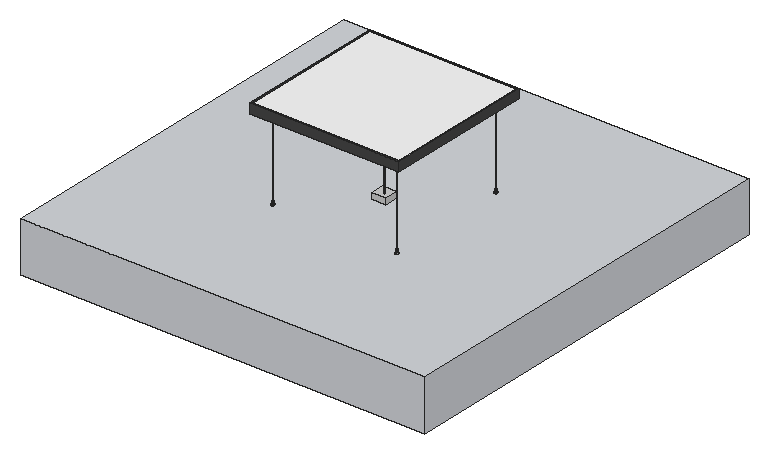
Revit family "en-halla-elumi-square-suspendedrfa", category Осветительные приборы, Revit 2017
Family settings
  Основа = Грань
  Размер круглого соединителя = Использовать диаметр
  Тип детали = Нормальный
  Номер OmniClass = 23.80.70.11.11
  Заголовок OmniClass = General Luminaries, Non Directional
  При загрузке вырезать с полостями = Нет
  Источник света = Нет
  Общий = Нет
  Точка расчета площади = Нет
Parameters
  Light surface width = Lighting width - 2 * Shape thickness  # 886 mm
  Shape thickness = 7 mm  # constant formula
  Полная установленная мощность = Power input  # 84 VA
  Youtube clip = ""
  Weight Net (Kg) = "0"
  Изготовитель = "HALLA"  # constant formula
  Default Elevation = 0 mm
  Voltage = ""
  Uniclass 2.0 Description = "Luminaires And Lamps"
  Uniclass 2.0 Code = "PR-49"
  Uniclass 1.4 Description = "Luminaires and lamps"
  Uniclass 1.4 Code = "JY73"
  URL = "www.halla.cz"
  UNSPSC Code = "3911"
  Technical description = ""
  Switched on [instance] = yes
  Switched off [instance] = not(Switched on)  # no
  Suspension height [instance] = 500 mm
  Source used = ""
  Source type = ""
  Shape of luminaire = ""
  Region South America = "All"
  Region Oceania = "All"
  Region North America = "All"
  Region Middle East = "All"
  Region Europe = "All"
  Region Asia = "All"
  Region Antarctica = "All"
  Region Africa = "All"
  Real suspension height [instance] = if(Suspension height > 2000 mm, 2000 mm, if(Suspension height < 36 mm, 36 mm, Suspension height))  # 500 mm
  QR code = "http://file-system.ru/catalog/zdaniya_i_sooruzheniya/interer/osveshchenie/halla_elumi_square_svetilnik_podvesnoy/"
  Accessory [instance] = HALLA accessory - wire suspension 2000mm, set of 4 pcs : 13-0001, S - silver
  Protection class = ""
  Product group = "ELUMI"
  Product family = "Indoor Luminaires"
  Product data url = ""
  Product code = ""
  Product certification = ""
  Product URL = ""
  Product SKU = "elumi_square"
  Price (EUR) = 0
  Power input = 84 W
  Description = ""
  Optics type = ""
  Suspension distance Y from axis = Lighting length - Lighting length * 0.08475 * 2  # 747.45 mm
  Suspension distance X from axis = Lighting length - Lighting length * 0.08475 * 2  # 747.45 mm
  Number of sources = 1
  Nominal width = "0.00"
  Nominal height = "0.00"
  NBS Reference Description = "Luminaires And Lamps"
  NBS Reference Code = "49"
  Material secondary = ""
  Material of luminaire = "Hliník"
  Material main = "Aluminium"
  Manufacturer name = "HALLA"
  Manufacturer country = "Czech Republic"
  Lighting width = 900 mm
  Lighting source distance [instance] = Real suspension height + Lighting height + 0.1 mm  # 555.1 mm
  Lighting length = 900 mm
  Lighting height = 55 mm
  Lighting dimensions = ""
  LED source = yes
  Installation instructions = ""
  Installation instruction = ""
  Initial intensity = ""
  Initial colour = ""
  IP Code = ""
  IFC Classification = "Light Fixture"
  Frequency = ""
  Energy class = ""
  Electric potential = 230 V  # constant formula
  Код по классификатору = "D5020200"
  Edition number = "1"
  EAN code = ""
  EAN = ""
  Lighting surface length = Lighting length - 2 * Shape thickness  # 886 mm
  Distribution = ""
  Designer = ""
  Design country = "Czech Republic"
  Depth = "0.00"
  Date of publishing = "2014-12-14"
  Data sheet = ""
  Control gear option = ""
  Colour of luminaire = Aluminium - black
  COBIe Type Category = ""
Reference planes
  plane 1 "Střed (vpředu/vzadu)": y = 0
  plane 2: z = 0
  plane 3 "Střed (vlevo/vpravo)": x = 0
  plane 4 "BP_Světlo spodní": z = 500
  plane 5 "BP_Světlo horní": z = 555
  plane 6 "Levá": x = -450
  plane 7 "Pravá": x = 450
  plane 8 "BP_Zdroj světla": z = 527.5
  plane 9 "Zadní": y = 450
  plane 10 "Přední": y = -450
  plane 11: x = 443
  plane 12: x = -443
  plane 13 "Osa odsazení levá": x = -373.725
  plane 14 "Osa odsazení pravá": x = 373.725
Forms (mm)
  Extrusion 1, solid
    sketch origin (0, 0, 0) x (1, 0, 0) y (0, 1, 0)
      loop
        line (-1219.2, 1219.2) -> (-1219.2, -1219.2) -> (1219.2, -1219.2) -> (1219.2, 1219.2) -> (-1219.2, 1219.2)
    from 0 to -304.8
  Extrusion 2, solid, material "Aluminium - black" <- "Colour of luminaire"
    sketch origin (0, 0, 500) x (-1, 0, 0) y (0, -1, 0)
      loop
        line (450, -450) -> (450, 450) -> (-450, 450) -> (-450, -450) -> (450, -450)
    from 0 to 7
  Extrusion 3, solid, material "Aluminium - black" <- "Colour of luminaire"
    sketch origin (0, 0, 500) x (-1, 0, 0) y (0, -1, 0)
      loop
        line (450, -450) -> (450, 450) -> (-450, 450) -> (-450, -450) -> (450, -450)
      loop
        line (443, 443) -> (-443, 443) -> (-443, -443) -> (443, -443) -> (443, 443)
    from 7 to 55
  Extrusion 4, solid, material "Diffuser - light switched on", visible <- "Switched off"
    sketch origin (0, 0, 500) x (-1, 0, 0) y (0, -1, 0)
      loop
        line (443, -443) -> (443, 443) -> (-443, 443) -> (-443, -443) -> (443, -443)
    from 51 to 55
  Extrusion 5, solid, material "Diffuser - light switched off", visible <- "Switched on"
    sketch origin (0, 0, 500) x (-1, 0, 0) y (0, -1, 0)
      loop
        line (443, -443) -> (443, 443) -> (-443, 443) -> (-443, -443) -> (443, -443)
    from 51 to 55
Cuts and joins
  joined: Extrusion 2, Extrusion 3
Dimensions and locks
  equal spacing: plane 6 "Levá", plane 3 "Střed (vlevo/vpravo)", plane 7 "Pravá"
  "Lighting length": plane 6 "Levá" to plane 7 "Pravá"
  "Shape thickness": plane 6 "Levá" to plane 12
  "Shape thickness": plane 11 to plane 7 "Pravá"
  "Lighting width": plane 9 "Zadní" to plane 10 "Přední"
  equal spacing: plane 9 "Zadní", plane 1 "Střed (vpředu/vzadu)", plane 10 "Přední"
  equal spacing: plane 5 "BP_Světlo horní", plane 8 "BP_Zdroj světla", plane 4 "BP_Světlo spodní"
  "Real suspension height": plane 4 "BP_Světlo spodní" to Extrusion 1
  "Lighting height": plane 5 "BP_Světlo horní" to plane 4 "BP_Světlo spodní"
  equal spacing: plane 13 "Osa odsazení levá", plane 3 "Střed (vlevo/vpravo)", plane 14 "Osa odsazení pravá"
  "Suspension distance X from axis": plane 13 "Osa odsazení levá" to plane 14 "Osa odsazení pravá"
  aligned and locked: plane 2 to Extrusion 1
  aligned and locked: level to Extrusion 1
Automatic sketch dimensions
  Extrusion 1 sketch curve to Extrusion 1 sketch curve = 2438.4 mm  (x2)
  Extrusion 3 sketch curve to plane 7 "Pravá" = 0 mm
  Extrusion 3 sketch curve to plane 11 = 0 mm
  Extrusion 3 sketch curve to plane 12 = 0 mm
  Extrusion 3 sketch curve to plane 6 "Levá" = 0 mm
  Extrusion 3 sketch curve to plane 9 "Zadní" = 0 mm
  Extrusion 3 sketch curve to plane 10 "Přední" = 0 mm
  Extrusion 3 sketch curve to plane 9 "Zadní" = 7 mm
  plane 10 "Přední" to Extrusion 3 sketch curve = 7 mm
  Extrusion 2 sketch curve to plane 7 "Pravá" = 0 mm
  Extrusion 2 sketch curve to plane 6 "Levá" = 0 mm
  Extrusion 2 sketch curve to plane 9 "Zadní" = 0 mm
  Extrusion 2 sketch curve to plane 10 "Přední" = 0 mm
  Extrusion 5 sketch curve to plane 11 = 0 mm
  Extrusion 5 sketch curve to plane 12 = 0 mm
  Extrusion 5 sketch curve to plane 9 "Zadní" = 7 mm
  plane 10 "Přední" to Extrusion 5 sketch curve = 7 mm
  Extrusion 4 sketch curve to plane 11 = 0 mm
  Extrusion 4 sketch curve to plane 12 = 0 mm
  Extrusion 4 sketch curve to plane 9 "Zadní" = 7 mm
  plane 10 "Přední" to Extrusion 4 sketch curve = 7 mm
Nested families
  nested 1: "HALLA accessory - wire suspension 2000mm, set of 4 pcs" at (-373.725, 373.725, 0), Délka zavěšení <- "Real suspension height", Odsazení zavěšení od osy Y <- "Suspension distance X from axis", Odsazení zavěšení od osy X <- "Suspension distance Y from axis", type <- "Accessory", type "13-0001, S - silver", detail levels fine
    with Odsazení zavěšení od osy Y 747.45 mm, Odsazení zavěšení od osy X 747.45 mm, Délka zavěšení 500 mm
  nested 2: "ELUMI - source" at (0, 0, 555.1), built-in parameter 1001364 <- "Lighting source distance", type "ELUMI - source"
Connectors
  electrical at (0, 0, 0), driven by "Полная установленная мощность", driven by "Electric potential", driven by "Полная установленная мощность"
    settings: index 1, voltage 230 V, apparent load 84 VA, apparent load phase1 84 VA, apparent load phase2 0 VA, apparent load phase3 0 VA, power factor 1, load classification "Osvětlení", number of poles 1, system type 30, power factor state 0, is connector primary yes, connector utility no, sub classification motor no, connector description ""
Definition of nested family "HALLA accessory - wire suspension 2000mm, set of 4 pcs"
  Parameters
    Manufacturer = "HALLA"  # constant formula
    Default Elevation = 0 mm
    URL výrobku = "http://www.halla.cz/rundo/svitidlo-19-200k-4024e-w.html"
    URL = "http.//www.halla.cz"
    Description = "Příslušenství ke svítidlům HALLA"  # constant formula
    Odsazení zavěšení od osy Y [instance] = 600 mm
    Odsazení zavěšení od osy X [instance] = 300 mm
    Model = "Lankový závěs 2000mm, souprava 4ks"
    Kód výrobku = "13-0001, S"
    Assembly Code = "D5020200"
    Keynote = ""
    EAN = ""
    Délka zavěšení [instance] = 300 mm
    Copyright = "Pro HALLA, s.r.o., vytvořil BIM Project s.r.o."  # constant formula
    Barva svítidla = none
  Reference planes
    plane 1 "Střed (vpředu/vzadu)": y = 0
    plane 2: z = 0
    plane 3 "Střed (vlevo/vpravo)": x = 0
    plane 4: z = 300
    plane 5: x = 300
    plane 6: y = -150
    plane 7: x = 600
    plane 8: y = -300
  Forms (mm)
    Extrusion 1, solid
      sketch origin (100, 0, 0) x (1, 0, 0) y (0, 1, 0)
        loop
          circle (-100, 0) r 0.991
      from 0 to 300 <- "Délka zavěšení"
    Revolve 2, solid, material <- "Barva svítidla"
      sketch origin (-300, 0, 0) x (1, 0, 0) y (0, 0, 1)
        loop
          line (300, 268.8) -> (300, 300) -> (295.494, 300) -> (295.494, 275.5) -> (298, 275.5) -> (298, 268.8) -> (300, 268.8)
        axis (300, 300) -> (300, 268.8)
      angle from 0 to 360
    Revolve 3, solid, material <- "Barva svítidla"
      sketch origin (100, 0, 0) x (1, 0, 0) y (0, 0, 1)
        loop
          line (-100, 0) -> (-100, 19.35) -> (-105.985, 19.35) -> (-105.985, 1.35) -> (-107.922, 1.35) -> (-107.922, 0) -> (-100, 0)
        axis (-100, 19.35) -> (-100, 0)
      angle from 0 to 360
    Extrusion 4, solid
      sketch origin (700, 0, 0) x (1, 0, 0) y (0, 1, 0)
        loop
          circle (-100, 0) r 0.991
      from 0 to 300 <- "Délka zavěšení"
    Revolve 5, solid, material <- "Barva svítidla"
      sketch origin (300, 0, 0) x (1, 0, 0) y (0, 0, 1)
        loop
          line (300, 268.8) -> (300, 300) -> (295.494, 300) -> (295.494, 275.5) -> (298, 275.5) -> (298, 268.8) -> (300, 268.8)
        axis (300, 300) -> (300, 268.8)
      angle from 0 to 360
    Revolve 6, solid, material <- "Barva svítidla"
      sketch origin (700, 0, 0) x (1, 0, 0) y (0, 0, 1)
        loop
          line (-100, 0) -> (-100, 19.35) -> (-105.985, 19.35) -> (-105.985, 1.35) -> (-107.922, 1.35) -> (-107.922, 0) -> (-100, 0)
        axis (-100, 19.35) -> (-100, 0)
      angle from 0 to 360
    Revolve 7, solid, material <- "Barva svítidla"
      sketch origin (0, 0, 0) x (0, 1, 0) y (0, 0, 1)
        loop
          line (-300, 19.35) -> (-300, 0) -> (-292.108, 0) -> (-292.108, 1.35) -> (-294.015, 1.35) -> (-294.015, 19.35) -> (-300, 19.35)
        axis (-300, 0) -> (-300, 19.35)
      angle from 0 to 360
    Revolve 8, solid, material <- "Barva svítidla"
      sketch origin (0, 0, 0) x (0, 1, 0) y (0, 0, 1)
        loop
          line (-300, 300) -> (-300, 268.8) -> (-298, 268.8) -> (-298, 275.5) -> (-295.494, 275.5) -> (-295.494, 300) -> (-300, 300)
        axis (-300, 268.8) -> (-300, 300)
      angle from 0 to 360
    Extrusion 9, solid
      sketch origin (0, 0, 0) x (1, 0, 0) y (0, 1, 0)
        loop
          circle (0, -300) r 1.018
      from 0 to 300 <- "Délka zavěšení"
    Revolve 10, solid, not visible
      sketch origin (0, 0, 0) x (0, 1, 0) y (0, 0, 1)
        loop
          line (-600, 19.35) -> (-600, 0) -> (-592.108, 0) -> (-592.108, 1.35) -> (-594.015, 1.35) -> (-594.015, 19.35) -> (-600, 19.35)
        axis (-600, 0) -> (-600, 19.35)
      angle from 0 to 360
    Revolve 11, solid, not visible
      sketch origin (0, 0, 0) x (0, 1, 0) y (0, 0, 1)
        loop
          line (-600, 600) -> (-600, 568.8) -> (-598, 568.8) -> (-598, 575.5) -> (-595.494, 575.5) -> (-595.494, 600) -> (-600, 600)
        axis (-600, 568.8) -> (-600, 600)
      angle from 0 to 360
    Extrusion 12, solid, not visible
      sketch origin (0, 0, 0) x (1, 0, 0) y (0, 1, 0)
        loop
          circle (0, -600) r 1.018
      from 0 to 300 <- "Délka zavěšení"
    Revolve 13, solid, material <- "Barva svítidla"
      sketch origin (600, 272.021, 1200) x (0, 1, 0) y (0, 0, 1)
        loop
          line (-572.021, -1180.65) -> (-572.021, -1200) -> (-564.129, -1200) -> (-564.129, -1198.65) -> (-566.036, -1198.65) -> (-566.036, -1180.65) -> (-572.021, -1180.65)
        axis (-572.021, -1200) -> (-572.021, -1180.65)
      angle from 0 to 360
    Revolve 14, solid, material <- "Barva svítidla"
      sketch origin (600, 272.021, 1200) x (0, 1, 0) y (0, 0, 1)
        loop
          line (-572.021, -900) -> (-572.021, -931.2) -> (-570.021, -931.2) -> (-570.021, -924.5) -> (-567.515, -924.5) -> (-567.515, -900) -> (-572.021, -900)
        axis (-572.021, -931.2) -> (-572.021, -900)
      angle from 0 to 360
    Extrusion 15, solid
      sketch origin (300, 0, 0) x (1, 0, 0) y (0, 1, 0)
        loop
          circle (300, -300) r 1.018
      from 0 to 300 <- "Délka zavěšení"
    Extrusion 16, solid, material <- "Barva svítidla"
      sketch origin (0, 0, 0) x (1, 0, 0) y (0, 1, 0)
        loop
          line (300, -110) -> (258.5, -110) -> (258.5, -190) -> (341.5, -190) -> (341.5, -110) -> (300, -110)
      from 0 to 35
    Extrusion 17, solid
      sketch origin (0, 0, 0) x (1, 0, 0) y (0, 1, 0)
        loop
          circle (300, -150) r 1.988
      from 0 to 300 <- "Délka zavěšení"
  Dimensions and locks
    "Délka zavěšení": plane 4 to level
    plane 5 to plane 3 "Střed (vlevo/vpravo)" = 300 mm
    equal spacing: plane 3 "Střed (vlevo/vpravo)", plane 5, plane 7
    equal spacing: plane 8, plane 6, plane 1 "Střed (vpředu/vzadu)"
    "Odsazení zavěšení od osy X": plane 8 to plane 1 "Střed (vpředu/vzadu)"
    "Odsazení zavěšení od osy Y": plane 3 "Střed (vlevo/vpravo)" to plane 7
    aligned and locked: level to plane 2
  Automatic sketch dimensions
    Revolve 11 sketch curve to Revolve 11 sketch curve = 4.506 mm
    Revolve 11 sketch curve to Revolve 11 sketch curve = 6.7 mm
    Revolve 10 sketch curve to Revolve 10 sketch curve = 1.906 mm
    Revolve 10 sketch curve to Revolve 10 sketch curve = 18 mm
    Revolve 10 sketch curve to Revolve 10 sketch curve = 5.985 mm
    Revolve 10 sketch curve to Revolve 10 sketch curve = 1.35 mm
    Revolve 10 sketch curve to Revolve 10 sketch curve = 0 mm
    Revolve 10 sketch curve to Revolve 10 sketch curve = 304.8 mm
    Revolve 10 sketch curve to Revolve 10 sketch curve = 2419.05 mm
    Revolve 11 sketch curve to Revolve 11 sketch curve = 2.506 mm
    Revolve 11 sketch curve to Revolve 11 sketch curve = 24.5 mm
    Revolve 11 sketch curve to Revolve 11 sketch curve = 0 mm
    Revolve 11 sketch curve to Revolve 11 sketch curve = 873.6 mm
    Revolve 11 sketch curve to Revolve 11 sketch curve = 1838.4 mm
    plane 1 "Střed (vpředu/vzadu)" to Extrusion 1 sketch curve = 0 mm
    Extrusion 1 sketch curve to plane 3 "Střed (vlevo/vpravo)" = 0 mm
    Revolve 2 sketch curve to plane 4 = 0 mm
    Revolve 2 sketch curve to plane 3 "Střed (vlevo/vpravo)" = 0 mm  (x2)
    Revolve 2 sketch curve to plane 3 "Střed (vlevo/vpravo)" = 2 mm
    Revolve 2 sketch curve to Revolve 2 sketch curve = 4.506 mm
    Revolve 2 sketch curve to plane 4 = 24.5 mm
    Revolve 2 sketch curve to Revolve 2 sketch curve = 6.7 mm
    Revolve 2 sketch curve to level = 151.582 mm
    Revolve 2 sketch curve to Revolve 2 sketch curve = 388.304 mm
    Revolve 3 sketch curve to level = 0 mm
    Revolve 3 sketch curve to plane 3 "Střed (vlevo/vpravo)" = 0 mm  (x2)
    Revolve 3 sketch curve to Revolve 3 sketch curve = 5.985 mm
    Revolve 3 sketch curve to Revolve 3 sketch curve = 1.937 mm
    level to Revolve 3 sketch curve = 1.35 mm
    Revolve 3 sketch curve to Revolve 3 sketch curve = 18 mm
    Revolve 3 sketch curve to Revolve 3 sketch curve = 198.421 mm
    plane 4 to Revolve 3 sketch curve = 388.304 mm
    plane 1 "Střed (vpředu/vzadu)" to Extrusion 4 sketch curve = 0 mm
    Extrusion 4 sketch curve to plane 7 = 0 mm
    Revolve 5 sketch curve to plane 4 = 0 mm
    Revolve 5 sketch curve to plane 7 = 0 mm  (x2)
    Revolve 5 sketch curve to plane 7 = 2 mm
    Revolve 5 sketch curve to Revolve 5 sketch curve = 4.506 mm
    Revolve 5 sketch curve to plane 4 = 24.5 mm
    Revolve 5 sketch curve to Revolve 5 sketch curve = 6.7 mm
    Revolve 5 sketch curve to level = 151.582 mm
    Revolve 5 sketch curve to Revolve 5 sketch curve = 388.304 mm
    Revolve 6 sketch curve to level = 0 mm
    Revolve 6 sketch curve to plane 7 = 0 mm  (x2)
    Revolve 6 sketch curve to Revolve 6 sketch curve = 5.985 mm
    Revolve 6 sketch curve to Revolve 6 sketch curve = 1.937 mm
    level to Revolve 6 sketch curve = 1.35 mm
    Revolve 6 sketch curve to Revolve 6 sketch curve = 18 mm
    Revolve 6 sketch curve to level = 198.421 mm
    plane 4 to Revolve 6 sketch curve = 388.304 mm
    Revolve 7 sketch curve to plane 8 = 0 mm  (x2)
    Revolve 7 sketch curve to level = 0 mm
    Revolve 7 sketch curve to Revolve 7 sketch curve = 5.985 mm
    Revolve 7 sketch curve to Revolve 7 sketch curve = 1.906 mm
    level to Revolve 7 sketch curve = 1.35 mm
    Revolve 7 sketch curve to Revolve 7 sketch curve = 18 mm
    Revolve 7 sketch curve to Revolve 7 sketch curve = 304.8 mm
    plane 4 to Revolve 7 sketch curve = 1838.4 mm
    Revolve 8 sketch curve to plane 4 = 0 mm
    Revolve 8 sketch curve to plane 8 = 0 mm  (x2)
    plane 8 to Revolve 8 sketch curve = 2 mm
    Revolve 8 sketch curve to Revolve 8 sketch curve = 4.506 mm
    Revolve 8 sketch curve to plane 4 = 24.5 mm
    Revolve 8 sketch curve to Revolve 8 sketch curve = 6.7 mm
    Revolve 8 sketch curve to level = 304.8 mm
    Revolve 8 sketch curve to Revolve 8 sketch curve = 1838.4 mm
    Extrusion 9 sketch curve to plane 3 "Střed (vlevo/vpravo)" = 0 mm
    Extrusion 9 sketch curve to plane 8 = 0 mm
    Extrusion 15 sketch curve to plane 7 = 0 mm
    Extrusion 15 sketch curve to plane 8 = 0 mm
    Revolve 14 sketch curve to plane 4 = 0 mm
    Revolve 14 sketch curve to plane 8 = 0 mm  (x2)
    plane 8 to Revolve 14 sketch curve = 2 mm
    Revolve 14 sketch curve to Revolve 14 sketch curve = 4.506 mm
    Revolve 14 sketch curve to plane 4 = 24.5 mm
    Revolve 14 sketch curve to Revolve 14 sketch curve = 6.7 mm
    Revolve 14 sketch curve to level = 304.8 mm
    Revolve 14 sketch curve to Revolve 14 sketch curve = 1838.4 mm
    Revolve 13 sketch curve to plane 8 = 0 mm  (x2)
    Revolve 13 sketch curve to level = 0 mm
    Revolve 13 sketch curve to Revolve 13 sketch curve = 5.985 mm
    Revolve 13 sketch curve to Revolve 13 sketch curve = 1.906 mm
    level to Revolve 13 sketch curve = 1.35 mm
    Revolve 13 sketch curve to Revolve 13 sketch curve = 18 mm
    Revolve 13 sketch curve to Revolve 13 sketch curve = 304.8 mm
    plane 4 to Revolve 13 sketch curve = 1838.4 mm
    Extrusion 16 sketch curve to plane 5 = 0 mm
    Extrusion 16 sketch curve to plane 5 = 41.5 mm
    plane 5 to Extrusion 16 sketch curve = 41.5 mm
    Extrusion 16 sketch curve to plane 6 = 40 mm
    plane 6 to Extrusion 16 sketch curve = 40 mm
    Extrusion 17 sketch curve to plane 5 = 0 mm
    Extrusion 17 sketch curve to plane 6 = 0 mm
    radius of Extrusion 12 sketch curve = 1.018 mm
    radius of Extrusion 1 sketch curve = 0.991 mm
    radius of Extrusion 4 sketch curve = 0.991 mm
    radius of Extrusion 9 sketch curve = 1.018 mm
    radius of Extrusion 15 sketch curve = 1.018 mm
    radius of Extrusion 17 sketch curve = 1.988 mm
Definition of nested family "ELUMI - source"
  Parameters
    built-in parameter 1150104 = 13.8 (stored number, unit not read)
    Tilt Angle = -90.00°
    built-in parameter 1150112 = 1 (stored number, unit not read)
    built-in parameter 1114218 = 1 (stored number, unit not read)
    built-in parameter 1150109 = 1 (stored number, unit not read)
    built-in parameter 1150110 = 1 (stored number, unit not read)
    built-in parameter 1150133 = 10 (stored number, unit not read)
    built-in parameter 1150134 = 12
    Lumens = 3040 lm
    Photometric Web File = "ELUMI 13-551K-1V1UE.ies"
    Wattage = 20.4656 W
    built-in parameter 1150107 = 4000 (stored number, unit not read)
    built-in parameter 1150102 = (empty or 0)
    built-in parameter 1150138 = (empty or 0)
    Dimming Lamp Color Temperature Shift = (empty or 0)
    built-in parameter 1150114 = 1 (stored number, unit not read)
    built-in parameter 1150115 = 1 (stored number, unit not read)
    built-in parameter 1150106 = 4.6664 (stored number, unit not read)
    built-in parameter 1150137 = (empty or 0)
    built-in parameter 1150132 = 2
    built-in parameter 1150105 = 466.64 (stored number, unit not read)
    built-in parameter 1150139 = (empty or 0)
    built-in parameter 1150113 = 1 (stored number, unit not read)
    Emit from Rectangle Width = 443 mm
    Emit from Rectangle Length = 886 mm
    Emit Shape Visible in Rendering = no
    built-in parameter 1114217 = 1 (stored number, unit not read)
    Color Filter = 16777215
  Reference planes
    plane 1 "Střed (vpředu/vzadu)": y = 0
    plane 2: z = 0
    plane 3 "Střed (vlevo/vpravo)": x = 0
  Lines and regions (mm)
    model lines, not visible
      curve 1: line (0, 0, 0) -> (0, 540, 0)
      curve 2: line (0, 0, 0) -> (420, 0, 0)
  Dimensions and locks
    aligned and locked: level to plane 2
